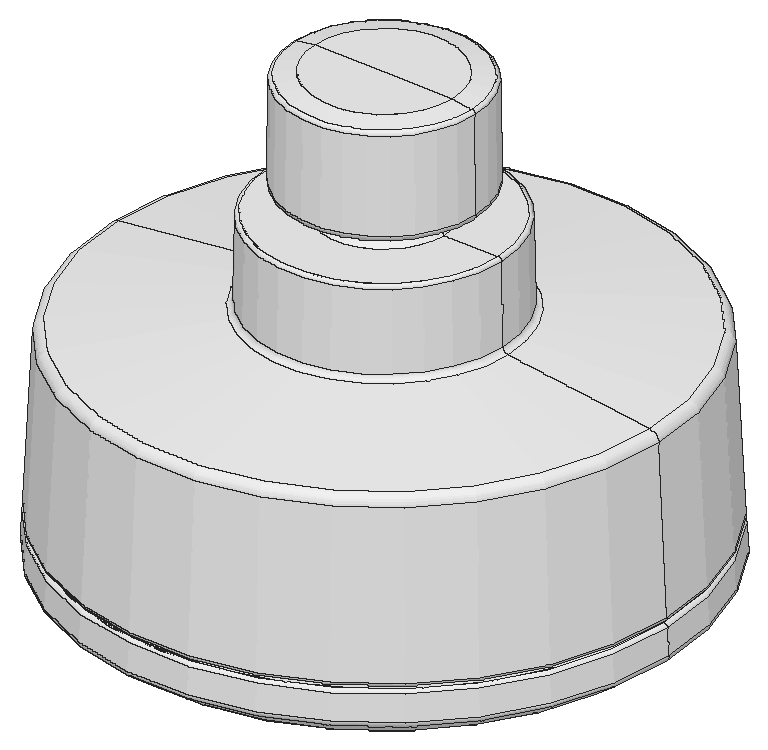
Revit family "Shower_Head-GROHE-New_Tempesta_Cosmopolitan_100-26051001", category Plumbing Fixtures, Revit 2014
Parameters (values of type "26051001")
  cUPC Compliant = yes
  Width = 3 15/16"
  Waste Connection = no
  Warranty Documentation Link = "https://cdn.cloud.grohe.com/tpi/1000/1900/1940/1949/1949006/original/1949006.pdf"
  WFU = 4
  Vent Connection = no
  URL = "http://www.grohe.com/"
  Tempered Water Connection Radius = 1/4"  # constant formula
  Tempered Water Connection Diameter = Tempered Water Connection Radius * 2  # 1/2"
  Product Page URL = "https://www.grohe.us/en_us/new-tempesta-cosmopolitan-100-shower-head-1-spray-26051001.html"
  Price = "Prices may vary. Please consult Manufacturer Representative for most up-to-date price list."  # constant formula
  Model = "26051001"
  Material = "Metal-Grohe-001-Chrome"
  Manufacturer = "GROHE"
  Hot Water Connection Radius = Tempered Water Connection Radius  # 1/4"
  Hot Water Connection Diameter = Hot Water Connection Radius * 2  # 1/2"
  Height = 3 5/16"
  HWFU = 3
  HW Connection = yes
  Flow Rate = "1.5 gpm (5.7 L/min)"  # constant formula
  Finish = Metal-Grohe-001-Chrome
  Description = "New Tempesta Cosmopolitan 100 Shower Head 1 Spray"  # constant formula
  Default Elevation = 0"
  Creation Date = "01/30/2018"  # constant formula
  Cold Water Connection Radius = Hot Water Connection Radius  # 1/4"
  Cold Water Connection Diameter = Cold Water Connection Radius * 2  # 1/2"
  CalGreen Compliant = yes
  CWFU = 3
  CW Connection = yes
  Assembly Code = "D2010700"
Reference planes (in)
  plane 1 "Center (Front/Back)": y = 0
  plane 2: z = 0
  plane 3 "Center (Left/Right)": x = 0
  plane 4: z = -3.30859
  plane 5: x = 1.96875
  plane 6: x = -1.96875
Forms (in)
  Revolve 1, solid, material "Metal-Grohe-001-Chrome"
    sketch origin (0, 0, 0) x (1, 0, 0) y (0, 0, 1)
      loop
        line (0.62963, -0.66137) -> (0.6243, -0.04987)
        arc (0.6243, -0.04987) -> (0.61777, -0.03231) -> (0.60153, -0.02297) r 0.02756
        line (0.60153, -0.02297) -> (0.47124, 0) -> (0, 0) -> (0, -3.30341) -> (0.35265, -3.30341)
        arc (0.35265, -3.30341) -> (0.42531, -3.2875) -> (0.4895, -3.24992) r 0.23774
        arc (0.4895, -3.24992) -> (0.98765, -3.1992) -> (1.48507, -3.1417) r 36.71042
        arc (1.48507, -3.1417) -> (1.62894, -3.11169) -> (1.7658, -3.05813) r 0.87879
        arc (1.7658, -3.05813) -> (1.78175, -3.05446) -> (1.79598, -3.04636) r 0.05633
        arc (1.79598, -3.04636) -> (1.87067, -2.99765) -> (1.94049, -2.94218) r 0.95456
        arc (1.94049, -2.94218) -> (1.95079, -2.92794) -> (1.95384, -2.91063) r 0.03917
        line (1.95384, -2.91063) -> (1.94486, -2.73969)
        arc (1.94486, -2.73969) -> (1.93544, -2.72612) -> (1.92069, -2.71869) r 0.03357
        line (1.92069, -2.71869) -> (1.84693, -2.71869) -> (1.82174, -2.699) -> (1.92176, -2.699)
        arc (1.92176, -2.699) -> (1.93591, -2.69292) -> (1.94124, -2.67848) r 0.0195
        line (1.94124, -2.67848) -> (1.88604, -1.62519)
        arc (1.88604, -1.62519) -> (1.86796, -1.58151) -> (1.82642, -1.55892) r 0.07087
        arc (1.82642, -1.55892) -> (1.3395, -1.49166) -> (0.8502, -1.44473) r 11.81102
        arc (0.8502, -1.44473) -> (0.82451, -1.4325) -> (0.81377, -1.40615) r 0.03937
        line (0.81377, -1.40615) -> (0.80474, -0.88875)
        arc (0.80474, -0.88875) -> (0.79768, -0.87231) -> (0.78112, -0.86554) r 0.02362
        line (0.78112, -0.86554) -> (0.40709, -0.86554) -> (0.36417, -0.82262) -> (0.36417, -0.75728)
        arc (0.36417, -0.75728) -> (0.37378, -0.72499) -> (0.39948, -0.70321) r 0.05906
        line (0.39948, -0.70321) -> (0.58815, -0.70321)
        arc (0.58815, -0.70321) -> (0.61761, -0.69093) -> (0.62963, -0.66137) r 0.04148
      axis (0, 0) -> (0, -3.30341)
    angle from 0 to 360
Lines and regions (in)
  Masking region 1
    outline origin (0, 0, 0) x (1, 0, 0) y (0, 1, 0)
      loop
        arc (-0.07874, 1.95234) -> (0, -1.95393) -> (0.07874, 1.95234) r 1.95393
        line (0.07874, 1.95234) -> (0.07874, 2.7638) -> (-0.07874, 2.7638) -> (-0.07874, 1.95234)
  symbolic lines, detail levels fine
    curve 1: circle (0, 0, 0) r 0.62701 normal (0, 0, 1)
    curve 3: circle (0, 0, 0) r 0.81665 normal (0, 0, 1)
    curve 4: line (0.07874, 2.11117, 0) -> (-0.07874, 2.11117, 0)
  symbolic lines, detail levels medium+fine
    curve 2: circle (0, 0, 0) r 0.47124 normal (0, 0, 1)
    curve 5: arc (-0.07874, 1.95234, 0) -> (0, 1.95515, 0) -> (0.07874, 1.95234, 0) r 1.10457
Dimensions and locks (in)
  level to plane 4 = 3 79/256"
  equal spacing: plane 6, plane 3 "Center (Left/Right)", plane 5
  plane 5 to plane 6 = 3 15/16"
Automatic sketch dimensions
  Revolve 1 sketch curve to plane 3 "Center (Left/Right)" = 0"  (x2)
  Revolve 1 sketch curve to level = 0"
  Revolve 1 sketch curve to plane 3 "Center (Left/Right)" = 0.03269"
  plane 6 to Revolve 1 sketch curve = 1.01051"
  plane 3 "Center (Left/Right)" to Revolve 1 sketch curve = 0.33876"
  Revolve 1 sketch curve to plane 4 = 0.00518"
  Revolve 1 sketch curve to Revolve 1 sketch curve = 0.01389"
  plane 3 "Center (Left/Right)" to Revolve 1 sketch curve = 0.36417"
  Revolve 1 sketch curve to Revolve 1 sketch curve = 0.0353"
  Revolve 1 sketch curve to Revolve 1 sketch curve = 0.04291"  (x2)
  Revolve 1 sketch curve to Revolve 1 sketch curve = 0.02375"
  Revolve 1 sketch curve to Revolve 1 sketch curve = 0.47124"
  Revolve 1 sketch curve to Revolve 1 sketch curve = 0.16492"
  Revolve 1 sketch curve to level = 0.05011"
  Revolve 1 sketch curve to Revolve 1 sketch curve = 0.1255"
  Revolve 1 sketch curve to level = 0.02297"
  Revolve 1 sketch curve to Revolve 1 sketch curve = 0.00479"
  Revolve 1 sketch curve to level = 0.04987"
  Revolve 1 sketch curve to Revolve 1 sketch curve = 0.04148"  (x2)
  Revolve 1 sketch curve to Revolve 1 sketch curve = 0.19297"
  Revolve 1 sketch curve to Revolve 1 sketch curve = 0.02362"
  Revolve 1 sketch curve to Revolve 1 sketch curve = 0.00903"
  Revolve 1 sketch curve to Revolve 1 sketch curve = 0.03936"
  Revolve 1 sketch curve to plane 5 = 0.6563"
  Revolve 1 sketch curve to Revolve 1 sketch curve = 0.06575"
  Revolve 1 sketch curve to plane 5 = 0.20745"
  Revolve 1 sketch curve to plane 5 = 0.15348"
  Revolve 1 sketch curve to plane 5 = 0.14701"
  Revolve 1 sketch curve to Revolve 1 sketch curve = 0.0252"
  Revolve 1 sketch curve to Revolve 1 sketch curve = 0.07077"
  Revolve 1 sketch curve to plane 5 = 0.05533"
  Revolve 1 sketch curve to plane 5 = 0.05403"
  Revolve 1 sketch curve to Revolve 1 sketch curve = 0.00728"
  Revolve 1 sketch curve to Revolve 1 sketch curve = 0.00107"
  Revolve 1 sketch curve to Revolve 1 sketch curve = 0.01947"
  Revolve 1 sketch curve to plane 5 = 0.02389"
  Revolve 1 sketch curve to plane 5 = 0.01491"
  plane 4 to Revolve 1 sketch curve = 9.91411"
  Revolve 1 sketch curve to Revolve 1 sketch curve = 0.23734"
  Revolve 1 sketch curve to plane 4 = 0.30662"
  Revolve 1 sketch curve to Revolve 1 sketch curve = 0.0893"
  Revolve 1 sketch curve to Revolve 1 sketch curve = 0.00205"
  Revolve 1 sketch curve to Revolve 1 sketch curve = 0.16122"
  Revolve 1 sketch curve to Revolve 1 sketch curve = 0.01177"
  Revolve 1 sketch curve to Revolve 1 sketch curve = 0.01969"
  Revolve 1 sketch curve to Revolve 1 sketch curve = 0.0195"
  Revolve 1 sketch curve to Revolve 1 sketch curve = 0.42957"
  Revolve 1 sketch curve to Revolve 1 sketch curve = 0.0461"
  Revolve 1 sketch curve to Revolve 1 sketch curve = 0.64054"
  Revolve 1 sketch curve to Revolve 1 sketch curve = 0.00371"
  Revolve 1 sketch curve to Revolve 1 sketch curve = 0.81718"
  Revolve 1 sketch curve to Revolve 1 sketch curve = 0.00069"
  Revolve 1 sketch curve to Revolve 1 sketch curve = 0.517"
  Revolve 1 sketch curve to Revolve 1 sketch curve = 0.00041"
  Revolve 1 sketch curve to Revolve 1 sketch curve = 0.06534"
  level to Revolve 1 sketch curve = 33.29626"
  Revolve 1 sketch curve to plane 4 = 0.05868"
  Revolve 1 sketch curve to Revolve 1 sketch curve = 0"  (x2)
  Revolve 1 sketch curve to Revolve 1 sketch curve = 0.0045"
  Revolve 1 sketch curve to Revolve 1 sketch curve = 0.03018"
  Revolve 1 sketch curve to level = 0.12106"
  level to Revolve 1 sketch curve = 0.57867"
  plane 1 "Center (Front/Back)" to Masking region 1 sketch curve = 0"
  Masking region 1 sketch curve to plane 3 "Center (Left/Right)" = 0"
  Masking region 1 sketch curve to plane 3 "Center (Left/Right)" = 0.07874"
  plane 3 "Center (Left/Right)" to Masking region 1 sketch curve = 0.07874"
  Masking region 1 sketch curve to plane 1 "Center (Front/Back)" = 1.95234"
  Masking region 1 sketch curve to Masking region 1 sketch curve = 0.81146"
  curve 1 to curve 2 = 0"  (x2)
  curve 1 to curve 3 = 0"  (x2)
  curve 2 to curve 3 = 0"  (x2)
  plane 1 "Center (Front/Back)" to curve 3 = 0"
  curve 3 to plane 3 "Center (Left/Right)" = 0"
  curve 5 to plane 3 "Center (Left/Right)" = 0"
  curve 1 to curve 5 = 0.85058"
  curve 4 to plane 3 "Center (Left/Right)" = 0.07874"
  curve 5 to plane 3 "Center (Left/Right)" = 0.07874"
  plane 3 "Center (Left/Right)" to curve 5 = 0.07874"
  plane 3 "Center (Left/Right)" to curve 4 = 0.07874"
  curve 5 to curve 5 = 1.10176"
  curve 5 to curve 4 = 0.15883"
  radius of curve 1 = 0.62701"
  radius of curve 2 = 0.47124"
  radius of curve 3 = 0.81665"
Connectors (in)
  piping at (0, 0, 0), diameter 0.5, driven by "Tempered Water Connection Diameter"
    settings: on Revolve 1, index 1, connector inside diameter 24", connector length 0", flow factor 0, pipe flow 0 GPM, pressure drop 0.00 psi, fitting loss kfactor 0, connector angle 0.00°, fixture units 0, engagement length 0", angle of deflection 0.00°, flow configuration 0, flow direction 1, fitting loss method 0, system type 29, joint type 0, gender type 0, connector reference index -1, connector utility 0, adjustable connector no, is connector primary yes, connector description "1/2\" NPT Supply Inlet"
